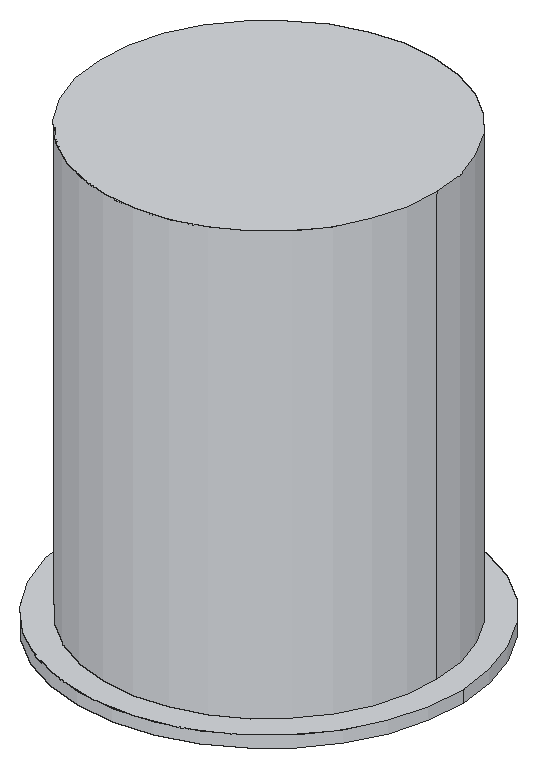
Revit family "VECO 3", category Lighting Fixtures, host Ceiling, Revit 2017
Family settings
  Host = Ceiling
  Round Connector Dimension = Use Diameter
  Part Type = Normal
  OmniClass Number = 23.80.70.11
  OmniClass Title = Luminaries for Internal Lighting
  Always vertical = Yes
  Cut with Voids When Loaded = No
  Light Source = Yes
  Shared = No
  Room Calculation Point = No
Parameters (values of type "Type 1")
  Wattage = 9.2903 W
  built-in parameter 1150110 = 1 (stored number, unit not read)
  built-in parameter 1114217 = 1 (stored number, unit not read)
  Tilt Angle = 90.00°
  built-in parameter 1150109 = 1 (stored number, unit not read)
  built-in parameter 1150134 = (empty or 0)
  built-in parameter 1150113 = 1 (stored number, unit not read)
  Photometric Web File = "ELR50P 35D.IES"
  Lumens = 1380 lm
  built-in parameter 1150115 = 1 (stored number, unit not read)
  built-in parameter 1150105 = 109.82 (stored number, unit not read)
  built-in parameter 1150137 = (empty or 0)
  built-in parameter 1150139 = (empty or 0)
  built-in parameter 1150112 = 1 (stored number, unit not read)
  built-in parameter 1150114 = 1 (stored number, unit not read)
  built-in parameter 1150132 = 2
  built-in parameter 1150102 = (empty or 0)
  built-in parameter 1150138 = (empty or 0)
  built-in parameter 1150107 = 3000 (stored number, unit not read)
  built-in parameter 1150106 = 1.0982 (stored number, unit not read)
  built-in parameter 1150104 = 13.8 (stored number, unit not read)
  Dimming Lamp Color Temperature Shift = <None>
  Color Filter = 16777215
  built-in parameter 1114218 = 1 (stored number, unit not read)
  built-in parameter 1150133 = 10 (stored number, unit not read)
Reference planes
  plane 1 "Light Source Axis (F/B)": y = 0
  plane 2: z = 0
  plane 3 "Light Source Axis (L/R)": x = 0
  plane 4 "Ceiling": z = 4000
  plane 5 "Light Source Elevation": z = 3996.875
  plane 6: y = 52.5
  plane 7: y = -52.5
  plane 8: x = -41.671
  plane 9: x = 41.671
Forms (mm)
  Extrusion 1, solid
    sketch origin (0, 0, 4000) x (0, 1, 0) y (-1, 0, 0)
      loop
        circle (0, 0) r 48.134
      loop
        circle (0, 0) r 36.292
    from 0 to -3
  Extrusion 2, solid
    sketch origin (0, 0, 4000) x (0, 1, 0) y (-1, 0, 0)
      loop
        circle (0, 0) r 41.671
    from 0 to 108
  Extrusion 3, solid, material "Glass, Frosted"
    sketch origin (0, 0, 4000) x (0, 1, 0) y (-1, 0, 0)
      loop
        circle (0.038, 0.015) r 36.277
    from 0 to -3
Lines and regions (mm)
  Opening 1
    outline origin (0, 0, 4000) x (1, 0, 0) y (0, 1, 0)
      loop
        circle (0, 0) r 48.134
Dimensions and locks
  equal spacing: host sketch curve, plane 3 "Light Source Axis (L/R)", host sketch curve
  equal spacing: host sketch curve, plane 1 "Light Source Axis (F/B)", host sketch curve
  host sketch curve to host sketch curve = 4000.00 mm  (x2)
  plane 4 "Ceiling" to host ceiling = 0.00 mm
  plane 4 "Ceiling" to Extrusion 2 = 108.00 mm
  plane 6 to plane 7 = 105.00 mm
  equal spacing: plane 9, imposter light, plane 8
  plane 9 to plane 8 = 83.342 mm
  aligned and locked: plane 5 "Light Source Elevation" to imposter light
Automatic sketch dimensions
  Opening 1 sketch curve to Opening 1 sketch curve = 0.00 mm  (x2)
  plane 1 "Light Source Axis (F/B)" to Opening 1 sketch curve = 0.00 mm
  Opening 1 sketch curve to plane 3 "Light Source Axis (L/R)" = 0.00 mm
  Opening 1 sketch curve to plane 8 = 6.463 mm
  Extrusion 1 sketch curve to Extrusion 1 sketch curve = 0.00 mm  (x2)
  plane 1 "Light Source Axis (F/B)" to Extrusion 1 sketch curve = 0.00 mm
  Extrusion 1 sketch curve to plane 3 "Light Source Axis (L/R)" = 0.00 mm
  plane 1 "Light Source Axis (F/B)" to Extrusion 2 sketch curve = 0.00 mm
  Extrusion 2 sketch curve to plane 3 "Light Source Axis (L/R)" = 0.00 mm
  Extrusion 3 sketch curve to plane 3 "Light Source Axis (L/R)" = 0.015 mm
  Extrusion 3 sketch curve to plane 1 "Light Source Axis (F/B)" = 0.038 mm
  radius of Extrusion 1 sketch curve = 48.134 mm
  radius of Extrusion 1 sketch curve = 36.292 mm
  radius of Extrusion 2 sketch curve = 41.671 mm
  radius of Extrusion 3 sketch curve = 36.277 mm
